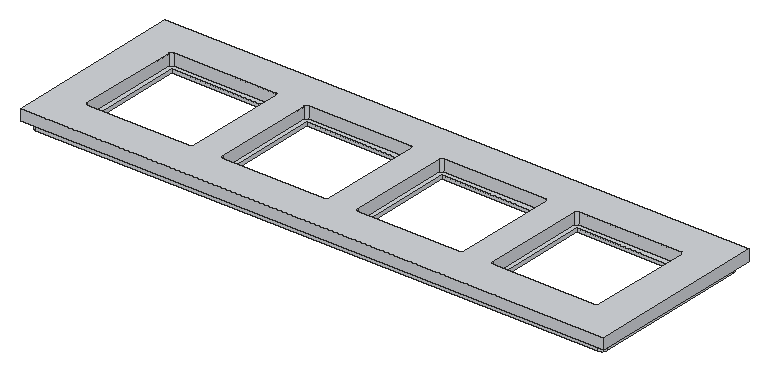
Revit family "Gira_021405", category Electrical Fixtures, host Face, Revit 2017
Family settings
  Host = Face
  Maintain Annotation Orientation = No
  Round Connector Dimension = Use Diameter
  Part Type = Normal
  Cut with Voids When Loaded = No
  Shared = No
  Room Calculation Point = No
Parameters (values of type "Abdeckrahmen 4f Gira Esprit G Schwarz")
  Werkstoffgüte = "sonstige"
  Werkstoff = "Glas"
  URL = "http://katalog.gira.de/de_DE/datenblatt.html?artikelnr=021405"
  Transparent = "No"
  Textfeld/Beschriftungsfläche = "No"
  Schutzart (IP) = "IP20"
  Region = "DE"
  Oberfläche = "sonstige"
  Name = "Abdeckrahmen 4f Gira Esprit G Schwarz"
  Montagerichtung = "horizontal und vertikal"
  Mit Montagerahmen = "No"
  Mit Klappdeckel = "No"
  Manufacturer URL = "https://www.gira.de/"
  Keynote = "Espr._Rahmen_4fach"
  HeinzeBIM = "https://bimportal.heinze.de/bim/abdeckrahmen-4f-gira-esprit-g-schwarz/18346afa69efcd21260d2a6e7c89be5b520cf3da"
  Halogenfrei = "No"
  HAN = "021405"
  Geeignet für Unterputz-Installation = "Yes"
  Geeignet für Unterflurkanaldose = "No"
  Geeignet für Geräteeinbaukanal = "No"
  Geeignet für Einbauinstallation = "No"
  GTIN = "4010337214052"
  Farbe = "schwarz"
  Default Elevation = 1219.2 mm
  Data sheet (1) = "https://katalog.gira.de/de_DE/download.html?artikelnr=021405"
  Category = "Abdeckrahmen"
  Befestigungsart = "Klemmbefestigung"
  Available = "Yes"
  Anzahl der Einheiten vertikal = "4 "
  Anzahl der Einheiten horizontal = "4 "
  Anzahl der Einheiten = "4 "
Reference planes
  plane 1 "Center (Front/Back)": y = 0
  plane 2: z = 0
  plane 3 "Center (Left/Right)": x = 0
Forms (mm)
  Extrusion 1, solid, detail levels fine
    sketch origin (0, 0, 0) x (1, 0, 0) y (0, 1, 0)
      loop
        line (-154, 47.5) -> (-154, -47.5) -> (154, -47.5) -> (154, 47.5) -> (-154, 47.5)
      loop
        arc (-135.25, -26.8) -> (-134.811, -27.861) -> (-133.75, -28.3) r 1.5
        line (-133.75, -28.3) -> (-80.15, -28.3)
        arc (-80.15, -28.3) -> (-79.089, -27.861) -> (-78.65, -26.8) r 1.5
        line (-78.65, -26.8) -> (-78.65, 26.8)
        arc (-78.65, 26.8) -> (-79.089, 27.861) -> (-80.15, 28.3) r 1.5
        line (-80.15, 28.3) -> (-133.75, 28.3)
        arc (-133.75, 28.3) -> (-134.811, 27.861) -> (-135.25, 26.8) r 1.5
        line (-135.25, 26.8) -> (-135.25, -26.8)
      loop
        arc (-63.95, -26.8) -> (-63.511, -27.861) -> (-62.45, -28.3) r 1.5
        line (-62.45, -28.3) -> (-8.85, -28.3)
        arc (-8.85, -28.3) -> (-7.789, -27.861) -> (-7.35, -26.8) r 1.5
        line (-7.35, -26.8) -> (-7.35, 26.8)
        arc (-7.35, 26.8) -> (-7.789, 27.861) -> (-8.85, 28.3) r 1.5
        line (-8.85, 28.3) -> (-62.45, 28.3)
        arc (-62.45, 28.3) -> (-63.511, 27.861) -> (-63.95, 26.8) r 1.5
        line (-63.95, 26.8) -> (-63.95, -26.8)
      loop
        arc (7.35, -26.8) -> (7.789, -27.861) -> (8.85, -28.3) r 1.5
        line (8.85, -28.3) -> (62.45, -28.3)
        arc (62.45, -28.3) -> (63.511, -27.861) -> (63.95, -26.8) r 1.5
        line (63.95, -26.8) -> (63.95, 26.8)
        arc (63.95, 26.8) -> (63.511, 27.861) -> (62.45, 28.3) r 1.5
        line (62.45, 28.3) -> (8.85, 28.3)
        arc (8.85, 28.3) -> (7.789, 27.861) -> (7.35, 26.8) r 1.5
        line (7.35, 26.8) -> (7.35, -26.8)
      loop
        arc (78.65, -26.8) -> (79.089, -27.861) -> (80.15, -28.3) r 1.5
        line (80.15, -28.3) -> (133.75, -28.3)
        arc (133.75, -28.3) -> (134.811, -27.861) -> (135.25, -26.8) r 1.5
        line (135.25, -26.8) -> (135.25, 26.8)
        arc (135.25, 26.8) -> (134.811, 27.861) -> (133.75, 28.3) r 1.5
        line (133.75, 28.3) -> (80.15, 28.3)
        arc (80.15, 28.3) -> (79.089, 27.861) -> (78.65, 26.8) r 1.5
        line (78.65, 26.8) -> (78.65, -26.8)
    from 0 to 6
  Extrusion 2, solid, detail levels fine
    sketch origin (0, 0, 0) x (1, 0, 0) y (0, 1, 0)
      loop
        line (-132.85, -25.7) -> (-81.05, -25.7) -> (-81.05, 25.7) -> (-132.85, 25.7) -> (-132.85, -25.7)
      loop
        line (61.55, 25.7) -> (9.75, 25.7) -> (9.75, -25.7) -> (61.55, -25.7) -> (61.55, 25.7)
      loop
        arc (-149.85, -41.4) -> (-149.323, -42.673) -> (-148.05, -43.2) r 1.8
        line (-148.05, -43.2) -> (148.05, -43.2)
        arc (148.05, -43.2) -> (149.323, -42.673) -> (149.85, -41.4) r 1.8
        line (149.85, -41.4) -> (149.85, 41.4)
        arc (149.85, 41.4) -> (149.323, 42.673) -> (148.05, 43.2) r 1.8
        line (148.05, 43.2) -> (-148.05, 43.2)
        arc (-148.05, 43.2) -> (-149.323, 42.673) -> (-149.85, 41.4) r 1.8
        line (-149.85, 41.4) -> (-149.85, -41.4)
      loop
        line (-9.75, 25.7) -> (-61.55, 25.7) -> (-61.55, -25.7) -> (-9.75, -25.7) -> (-9.75, 25.7)
      loop
        line (132.85, 25.7) -> (81.05, 25.7) -> (81.05, -25.7) -> (132.85, -25.7) -> (132.85, 25.7)
    from -1.9 to 0
  Extrusion 3, solid, detail levels fine
    sketch origin (0, 0, 0) x (1, 0, 0) y (0, 1, 0)
      loop
        arc (-148.05, 44.4) -> (-150.171, 43.521) -> (-151.05, 41.4) r 3
        line (-151.05, 41.4) -> (-151.05, -41.4)
        arc (-151.05, -41.4) -> (-150.171, -43.521) -> (-148.05, -44.4) r 3
        line (-148.05, -44.4) -> (148.05, -44.4)
        arc (148.05, -44.4) -> (150.171, -43.521) -> (151.05, -41.4) r 3
        line (151.05, -41.4) -> (151.05, 41.4)
        arc (151.05, 41.4) -> (150.171, 43.521) -> (148.05, 44.4) r 3
        line (148.05, 44.4) -> (-148.05, 44.4)
      loop
        arc (-149.85, -41.4) -> (-149.323, -42.673) -> (-148.05, -43.2) r 1.8
        line (-148.05, -43.2) -> (148.05, -43.2)
        arc (148.05, -43.2) -> (149.323, -42.673) -> (149.85, -41.4) r 1.8
        line (149.85, -41.4) -> (149.85, 41.4)
        arc (149.85, 41.4) -> (149.323, 42.673) -> (148.05, 43.2) r 1.8
        line (148.05, 43.2) -> (-148.05, 43.2)
        arc (-148.05, 43.2) -> (-149.323, 42.673) -> (-149.85, 41.4) r 1.8
        line (-149.85, 41.4) -> (-149.85, -41.4)
    from -3.7 to 0
  Extrusion 4, solid, detail levels medium
    sketch origin (0, 0, 0) x (1, 0, 0) y (0, 1, 0)
      loop
        line (-154, 47.5) -> (-154, -47.5) -> (154, -47.5) -> (154, 47.5) -> (-154, 47.5)
    from 0 to 6
  Extrusion 5, solid, detail levels medium
    sketch origin (0, 0, 0) x (1, 0, 0) y (0, 1, 0)
      loop
        line (-154, 44.4) -> (-154, -44.4) -> (154, -44.4) -> (154, 44.4) -> (-154, 44.4)
    from -3.7 to 0
  Extrusion 6, solid, detail levels coarse
    sketch origin (0, 0, 0) x (1, 0, 0) y (0, 1, 0)
      loop
        line (-154, 47.5) -> (-154, -47.5) -> (154, -47.5) -> (154, 47.5) -> (-154, 47.5)
    from -3.7 to 6
Dimensions and locks
  aligned and locked: plane 2 to host face
  aligned and locked: level to host face
